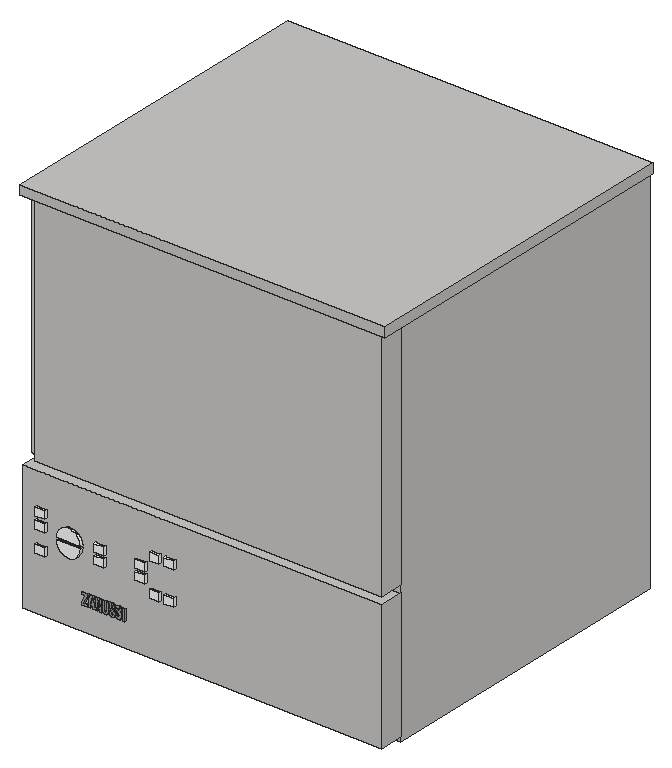
Revit family "QF_ELECTROLUXPROFESSIONAL_726658_RBC051", category Specialty Equipment, Revit 2018
Family settings
  Round Connector Dimension = Use Diameter
  Part Type = Normal
  Work Plane-Based = No
  Always vertical = Yes
  Cut with Voids When Loaded = No
  Shared = No
  Room Calculation Point = No
Parameters (values of type "Standard")
  Weight = 194.007 lbm
  Watts = 0 W
  Volts = 230 V
  URL Manufacturer = "http://professional.electrolux.com"
  URL = "http://professional.electrolux.com"
  Steam Supply Size = 0"
  Steam Supply Minimum Pressure = 0.00 psi
  Steam Supply Maximum Pressure = 0.00 psi
  Steam Pounds per Hour = 0
  Show Clearance [instance] = yes
  Refrigeration Suction Line Size = 0 mm
  Refrigeration Liquid Line Size = 0 mm
  Refrigerant Compressor Remote = yes
  Phase = 1
  Model = "RBC051"
  Manufacturer = "Electrolux Professional"
  Length Actual = 762 mm  # constant formula
  Item Number = "726658"
  Hot Water Size = 0"
  Height Actual = 844 mm  # constant formula
  HP = "0.9 HP"
  Gas Size = 0"
  Gas KW = 0
  Gas Input Pressure = 0.0 Btu/h
  Direct Waste Size = 0"
  Description = "BLAST CHILLER 10KG GN1/1-R134A"
  Depth Actual = 700 mm  # constant formula
  Cycle = 50 Hz
  Condensate Return Size = 0"
  Compressed Air Volume = 0 GPM
  Compressed Air Size = 0"
  Compressed Air Pressure = 0.00 psi
  Cold Water Size = 0"
  Accessory = yes
Reference planes
  plane 1 "BACK": y = 0
  plane 2: z = 0
  plane 3 "LEFT": x = 0
  plane 4 "RIGHT": x = 762
  plane 5 "FRONT": y = -700
  plane 6 "TOP": z = 844
  plane 7 "Center Y": x = 381
  plane 8 "Center X": y = -350
  plane 9: x = 50
  plane 10: x = 710
  plane 11: z = 150
  plane 12: z = 106
  plane 13: y = -50
  plane 14: y = -760
  plane 15: y = -689
  plane 16: y = -389
  plane 17: y = -1407
Forms (mm)
  Extrusion 1, solid, material "QF_Metal - Stainless - Polished"
    sketch origin (0, 0, -106) x (1, 0, 0) y (0, 0, 1)
      loop
        line (6.35, 930) -> (6.35, 150) -> (755.65, 150) -> (755.65, 930) -> (6.35, 930)
    from 0 to 650
  Extrusion 2, solid, material "QF_Metal - Stainless - Polished"
    sketch origin (-118.461, 0, -106) x (1, 0, 0) y (0, 0, 1)
      loop
        line (201.815, 150) -> (201.815, 128.027) -> (559.815, 128.027) -> (559.815, 150) -> (553.415, 150) -> (553.415, 134.427) -> (208.215, 134.427) -> (208.215, 150) -> (201.815, 150)
    from 218.729 to 610
  Extrusion 3, solid, material "QF_Metal - Stainless - Polished"
    sketch origin (-118.461, 0, -106) x (1, 0, 0) y (0, 0, 1)
      loop
        line (239.429, 128.027) -> (233.029, 128.027) -> (233.029, 106) -> (525.894, 106) -> (525.894, 128.027) -> (519.494, 128.027) -> (519.494, 115.527) -> (239.429, 115.527) -> (239.429, 128.027)
    from 333.038 to 610
  Extrusion 4, solid, material "QF_Metal - Stainless - Polished"
    sketch origin (0.953, -130, -106) x (1, 0, 0) y (0, 1, 0)
      loop
        circle (381, -259) r 20
    from 138.473 to 150
  Extrusion 5, solid, material "QF_Metal - Stainless - Polished"
    sketch origin (-331, 0, -475.454) x (1, 0, 0) y (0, 0, 1)
      loop
        circle (381, 651.083) r 20
    from -7.507 to 0
  Extrusion 6, solid, material "QF_Door-Drawer Clearances", visible <- "Show Clearance", detail levels coarse
    sketch origin (0, 29, -106) x (1, 0, 0) y (0, 1, 0)
      loop
        line (755.65, -729) -> (6.35, -729)
        arc (6.35, -729) -> (226.116, -1246.651) -> (755.65, -1436) r 700.659
        line (755.65, -1436) -> (755.65, -729)
    from 443.477 to 930
  Extrusion 7, solid, material "QF_Metal - Stainless - Polished"
    sketch origin (0, 0, 824) x (1, 0, 0) y (0, 1, 0)
      loop
        line (0, 0) -> (0, -700) -> (762, -700) -> (762, 0) -> (0, 0)
    from 0 to 20
  Extrusion 8, solid, material "QF_Metal - Stainless - Polished"
    sketch origin (0, 39, -106) x (1, 0, 0) y (0, 1, 0)
      loop
        line (755.65, -689) -> (6.35, -689) -> (6.35, -714)
        arc (6.35, -714) -> (13.85, -721.5) -> (21.35, -714) r 7.5
        line (21.35, -714) -> (21.35, -712.023)
        arc (21.35, -712.023) -> (23.7, -706.35) -> (29.373, -704) r 8.023
        line (29.373, -704) -> (50, -704)
        arc (50, -704) -> (58.125, -712.125) -> (50, -720.25) r 8.125
        line (50, -720.25) -> (43.056, -720.25)
        arc (43.056, -720.25) -> (33.824, -724.074) -> (30, -733.306) r 13.056
        line (30, -733.306) -> (30, -739) -> (755.65, -739) -> (755.65, -689)
    from 443.477 to 930
  Extrusion 9, solid, material "QF_Metal - Stainless - Polished"
    sketch origin (0, 113.472, -648.6) x (1, 0, 0) y (0, 0, 1)
      loop
        line (6.35, 970) -> (6.35, 701.557) -> (755.65, 701.557) -> (755.65, 970) -> (6.35, 970)
    from 763.472 to 813.472
  Extrusion 10, solid, material "QF_Plastic - White - Smooth"
    sketch origin (-40, -700, -363.391) x (1, 0, 0) y (0, 0, 1)
      loop
        line (75.078, 617.851) -> (75.078, 601.601) -> (95.078, 601.601) -> (95.078, 617.851) -> (75.078, 617.851)
      loop
        line (75.078, 547.851) -> (75.078, 531.601) -> (95.078, 531.601) -> (95.078, 547.851) -> (75.078, 547.851)
      loop
        line (75.078, 592.851) -> (75.078, 576.601) -> (95.078, 576.601) -> (95.078, 592.851) -> (75.078, 592.851)
      loop
        line (120.078, 576.601) -> (170.078, 576.601)
        arc (170.078, 576.601) -> (145.078, 601.601) -> (120.078, 576.601) r 25
      loop
        arc (120.078, 571.601) -> (145.078, 546.601) -> (170.078, 571.601) r 25
        line (170.078, 571.601) -> (120.078, 571.601)
      loop
        line (198.715, 592.851) -> (198.715, 576.601) -> (218.715, 576.601) -> (218.715, 592.851) -> (198.715, 592.851)
      loop
        line (198.715, 570.081) -> (198.715, 553.831) -> (218.715, 553.831) -> (218.715, 570.081) -> (198.715, 570.081)
      loop
        line (283.715, 592.851) -> (283.715, 576.601) -> (303.715, 576.601) -> (303.715, 592.851) -> (283.715, 592.851)
      loop
        line (283.715, 570.081) -> (283.715, 553.831) -> (303.715, 553.831) -> (303.715, 570.081) -> (283.715, 570.081)
      loop
        line (314.587, 617.851) -> (314.587, 601.601) -> (334.587, 601.601) -> (334.587, 617.851) -> (314.587, 617.851)
      loop
        line (344.587, 617.851) -> (344.587, 601.601) -> (364.587, 601.601) -> (364.587, 617.851) -> (344.587, 617.851)
      loop
        line (314.587, 547.851) -> (314.587, 531.601) -> (334.587, 531.601) -> (334.587, 547.851) -> (314.587, 547.851)
      loop
        line (344.587, 547.851) -> (344.587, 531.601) -> (364.587, 531.601) -> (364.587, 547.851) -> (344.587, 547.851)
    from 0 to 4.861
Lines and regions (mm)
  Split face 1
    outline origin (0, -700, -648.6) x (1, 0, 0) y (0, 0, 1)
      loop
        line (33.078, 905.06) -> (33.078, 814.81) -> (326.587, 814.81) -> (326.587, 905.06) -> (33.078, 905.06)
  Split face 2
    outline origin (-15, -700, -648.6) x (1, 0, 0) y (0, 0, 1)
      loop
        line (399.261, 942.498) -> (399.261, 932.498) -> (454.261, 932.498) -> (454.261, 942.498) -> (399.261, 942.498)
  Split face 3
    outline origin (-15, -700, -663.6) x (1, 0, 0) y (0, 0, 1)
      loop
        line (399.261, 942.498) -> (399.261, 932.498) -> (454.261, 932.498) -> (454.261, 942.498) -> (399.261, 942.498)
  Split face 4
    outline origin (-15, -700, -678.6) x (1, 0, 0) y (0, 0, 1)
      loop
        line (399.261, 942.498) -> (399.261, 932.498) -> (454.261, 932.498) -> (454.261, 942.498) -> (399.261, 942.498)
  Split face 5
    outline origin (-15, -700, -708.6) x (1, 0, 0) y (0, 0, 1)
      loop
        line (399.261, 942.498) -> (399.261, 932.498) -> (454.261, 932.498) -> (454.261, 942.498) -> (399.261, 942.498)
  Split face 6
    outline origin (-15, -700, -723.6) x (1, 0, 0) y (0, 0, 1)
      loop
        line (399.261, 942.498) -> (399.261, 932.498) -> (454.261, 932.498) -> (454.261, 942.498) -> (399.261, 942.498)
  Split face 7
    outline origin (-15, -700, -738.6) x (1, 0, 0) y (0, 0, 1)
      loop
        line (399.261, 942.498) -> (399.261, 932.498) -> (454.261, 932.498) -> (454.261, 942.498) -> (399.261, 942.498)
  Split face 8
    outline origin (-15, -700, -768.6) x (1, 0, 0) y (0, 0, 1)
      loop
        line (399.261, 942.498) -> (399.261, 932.498) -> (454.261, 932.498) -> (454.261, 942.498) -> (399.261, 942.498)
  Split face 9
    outline origin (-15, -700, -783.6) x (1, 0, 0) y (0, 0, 1)
      loop
        line (399.261, 942.498) -> (399.261, 932.498) -> (454.261, 932.498) -> (454.261, 942.498) -> (399.261, 942.498)
  Split face 10
    outline origin (-15, -700, -798.6) x (1, 0, 0) y (0, 0, 1)
      loop
        line (399.261, 942.498) -> (399.261, 932.498) -> (454.261, 932.498) -> (454.261, 942.498) -> (399.261, 942.498)
  Split face 11
    outline origin (-15, -700, -828.6) x (1, 0, 0) y (0, 0, 1)
      loop
        line (399.261, 942.498) -> (399.261, 932.498) -> (454.261, 932.498) -> (454.261, 942.498) -> (399.261, 942.498)
  Split face 12
    outline origin (-15, -700, -843.6) x (1, 0, 0) y (0, 0, 1)
      loop
        line (399.261, 942.498) -> (399.261, 932.498) -> (454.261, 932.498) -> (454.261, 942.498) -> (399.261, 942.498)
  Split face 13
    outline origin (-15, -700, -858.6) x (1, 0, 0) y (0, 0, 1)
      loop
        line (399.261, 942.498) -> (399.261, 932.498) -> (454.261, 932.498) -> (454.261, 942.498) -> (399.261, 942.498)
  Split face 14
    outline origin (60, -700, -648.6) x (1, 0, 0) y (0, 0, 1)
      loop
        line (399.261, 942.498) -> (399.261, 932.498) -> (454.261, 932.498) -> (454.261, 942.498) -> (399.261, 942.498)
  Split face 15
    outline origin (60, -700, -663.6) x (1, 0, 0) y (0, 0, 1)
      loop
        line (399.261, 942.498) -> (399.261, 932.498) -> (454.261, 932.498) -> (454.261, 942.498) -> (399.261, 942.498)
  Split face 16
    outline origin (60, -700, -678.6) x (1, 0, 0) y (0, 0, 1)
      loop
        line (399.261, 942.498) -> (399.261, 932.498) -> (454.261, 932.498) -> (454.261, 942.498) -> (399.261, 942.498)
  Split face 17
    outline origin (60, -700, -708.6) x (1, 0, 0) y (0, 0, 1)
      loop
        line (399.261, 942.498) -> (399.261, 932.498) -> (454.261, 932.498) -> (454.261, 942.498) -> (399.261, 942.498)
  Split face 18
    outline origin (60, -700, -723.6) x (1, 0, 0) y (0, 0, 1)
      loop
        line (399.261, 942.498) -> (399.261, 932.498) -> (454.261, 932.498) -> (454.261, 942.498) -> (399.261, 942.498)
  Split face 19
    outline origin (60, -700, -738.6) x (1, 0, 0) y (0, 0, 1)
      loop
        line (399.261, 942.498) -> (399.261, 932.498) -> (454.261, 932.498) -> (454.261, 942.498) -> (399.261, 942.498)
  Split face 20
    outline origin (60, -700, -768.6) x (1, 0, 0) y (0, 0, 1)
      loop
        line (399.261, 942.498) -> (399.261, 932.498) -> (454.261, 932.498) -> (454.261, 942.498) -> (399.261, 942.498)
  Split face 21
    outline origin (60, -700, -783.6) x (1, 0, 0) y (0, 0, 1)
      loop
        line (399.261, 942.498) -> (399.261, 932.498) -> (454.261, 932.498) -> (454.261, 942.498) -> (399.261, 942.498)
  Split face 22
    outline origin (60, -700, -798.6) x (1, 0, 0) y (0, 0, 1)
      loop
        line (399.261, 942.498) -> (399.261, 932.498) -> (454.261, 932.498) -> (454.261, 942.498) -> (399.261, 942.498)
  Split face 23
    outline origin (60, -700, -828.6) x (1, 0, 0) y (0, 0, 1)
      loop
        line (399.261, 942.498) -> (399.261, 932.498) -> (454.261, 932.498) -> (454.261, 942.498) -> (399.261, 942.498)
  Split face 24
    outline origin (60, -700, -843.6) x (1, 0, 0) y (0, 0, 1)
      loop
        line (399.261, 942.498) -> (399.261, 932.498) -> (454.261, 932.498) -> (454.261, 942.498) -> (399.261, 942.498)
  Split face 25
    outline origin (60, -700, -858.6) x (1, 0, 0) y (0, 0, 1)
      loop
        line (399.261, 942.498) -> (399.261, 932.498) -> (454.261, 932.498) -> (454.261, 942.498) -> (399.261, 942.498)
  Split face 26
    outline origin (135, -700, -648.6) x (1, 0, 0) y (0, 0, 1)
      loop
        line (399.261, 942.498) -> (399.261, 932.498) -> (454.261, 932.498) -> (454.261, 942.498) -> (399.261, 942.498)
  Split face 27
    outline origin (135, -700, -663.6) x (1, 0, 0) y (0, 0, 1)
      loop
        line (399.261, 942.498) -> (399.261, 932.498) -> (454.261, 932.498) -> (454.261, 942.498) -> (399.261, 942.498)
  Split face 28
    outline origin (135, -700, -678.6) x (1, 0, 0) y (0, 0, 1)
      loop
        line (399.261, 942.498) -> (399.261, 932.498) -> (454.261, 932.498) -> (454.261, 942.498) -> (399.261, 942.498)
  Split face 29
    outline origin (135, -700, -708.6) x (1, 0, 0) y (0, 0, 1)
      loop
        line (399.261, 942.498) -> (399.261, 932.498) -> (454.261, 932.498) -> (454.261, 942.498) -> (399.261, 942.498)
  Split face 30
    outline origin (135, -700, -723.6) x (1, 0, 0) y (0, 0, 1)
      loop
        line (399.261, 942.498) -> (399.261, 932.498) -> (454.261, 932.498) -> (454.261, 942.498) -> (399.261, 942.498)
  Split face 31
    outline origin (135, -700, -738.6) x (1, 0, 0) y (0, 0, 1)
      loop
        line (399.261, 942.498) -> (399.261, 932.498) -> (454.261, 932.498) -> (454.261, 942.498) -> (399.261, 942.498)
  Split face 32
    outline origin (135, -700, -768.6) x (1, 0, 0) y (0, 0, 1)
      loop
        line (399.261, 942.498) -> (399.261, 932.498) -> (454.261, 932.498) -> (454.261, 942.498) -> (399.261, 942.498)
  Split face 33
    outline origin (135, -700, -783.6) x (1, 0, 0) y (0, 0, 1)
      loop
        line (399.261, 942.498) -> (399.261, 932.498) -> (454.261, 932.498) -> (454.261, 942.498) -> (399.261, 942.498)
  Split face 34
    outline origin (135, -700, -798.6) x (1, 0, 0) y (0, 0, 1)
      loop
        line (399.261, 942.498) -> (399.261, 932.498) -> (454.261, 932.498) -> (454.261, 942.498) -> (399.261, 942.498)
  Split face 35
    outline origin (135, -700, -828.6) x (1, 0, 0) y (0, 0, 1)
      loop
        line (399.261, 942.498) -> (399.261, 932.498) -> (454.261, 932.498) -> (454.261, 942.498) -> (399.261, 942.498)
  Split face 36
    outline origin (135, -700, -843.6) x (1, 0, 0) y (0, 0, 1)
      loop
        line (399.261, 942.498) -> (399.261, 932.498) -> (454.261, 932.498) -> (454.261, 942.498) -> (399.261, 942.498)
  Split face 37
    outline origin (135, -700, -858.6) x (1, 0, 0) y (0, 0, 1)
      loop
        line (399.261, 942.498) -> (399.261, 932.498) -> (454.261, 932.498) -> (454.261, 942.498) -> (399.261, 942.498)
  Split face 38
    outline origin (210, -700, -648.6) x (1, 0, 0) y (0, 0, 1)
      loop
        line (399.261, 942.498) -> (399.261, 932.498) -> (454.261, 932.498) -> (454.261, 942.498) -> (399.261, 942.498)
  Split face 39
    outline origin (210, -700, -663.6) x (1, 0, 0) y (0, 0, 1)
      loop
        line (399.261, 942.498) -> (399.261, 932.498) -> (454.261, 932.498) -> (454.261, 942.498) -> (399.261, 942.498)
  Split face 40
    outline origin (210, -700, -678.6) x (1, 0, 0) y (0, 0, 1)
      loop
        line (399.261, 942.498) -> (399.261, 932.498) -> (454.261, 932.498) -> (454.261, 942.498) -> (399.261, 942.498)
  Split face 41
    outline origin (210, -700, -708.6) x (1, 0, 0) y (0, 0, 1)
      loop
        line (399.261, 942.498) -> (399.261, 932.498) -> (454.261, 932.498) -> (454.261, 942.498) -> (399.261, 942.498)
  Split face 42
    outline origin (210, -700, -723.6) x (1, 0, 0) y (0, 0, 1)
      loop
        line (399.261, 942.498) -> (399.261, 932.498) -> (454.261, 932.498) -> (454.261, 942.498) -> (399.261, 942.498)
  Split face 43
    outline origin (210, -700, -738.6) x (1, 0, 0) y (0, 0, 1)
      loop
        line (399.261, 942.498) -> (399.261, 932.498) -> (454.261, 932.498) -> (454.261, 942.498) -> (399.261, 942.498)
  Split face 44
    outline origin (210, -700, -768.6) x (1, 0, 0) y (0, 0, 1)
      loop
        line (399.261, 942.498) -> (399.261, 932.498) -> (454.261, 932.498) -> (454.261, 942.498) -> (399.261, 942.498)
  Split face 45
    outline origin (210, -700, -783.6) x (1, 0, 0) y (0, 0, 1)
      loop
        line (399.261, 942.498) -> (399.261, 932.498) -> (454.261, 932.498) -> (454.261, 942.498) -> (399.261, 942.498)
  Split face 46
    outline origin (210, -700, -798.6) x (1, 0, 0) y (0, 0, 1)
      loop
        line (399.261, 942.498) -> (399.261, 932.498) -> (454.261, 932.498) -> (454.261, 942.498) -> (399.261, 942.498)
  Split face 47
    outline origin (210, -700, -828.6) x (1, 0, 0) y (0, 0, 1)
      loop
        line (399.261, 942.498) -> (399.261, 932.498) -> (454.261, 932.498) -> (454.261, 942.498) -> (399.261, 942.498)
  Split face 48
    outline origin (210, -700, -843.6) x (1, 0, 0) y (0, 0, 1)
      loop
        line (399.261, 942.498) -> (399.261, 932.498) -> (454.261, 932.498) -> (454.261, 942.498) -> (399.261, 942.498)
  Split face 49
    outline origin (210, -700, -858.6) x (1, 0, 0) y (0, 0, 1)
      loop
        line (399.261, 942.498) -> (399.261, 932.498) -> (454.261, 932.498) -> (454.261, 942.498) -> (399.261, 942.498)
  Split face 50
    outline origin (285, -700, -648.6) x (1, 0, 0) y (0, 0, 1)
      loop
        line (399.261, 942.498) -> (399.261, 932.498) -> (454.261, 932.498) -> (454.261, 942.498) -> (399.261, 942.498)
  Split face 51
    outline origin (285, -700, -663.6) x (1, 0, 0) y (0, 0, 1)
      loop
        line (399.261, 942.498) -> (399.261, 932.498) -> (454.261, 932.498) -> (454.261, 942.498) -> (399.261, 942.498)
  Split face 52
    outline origin (285, -700, -678.6) x (1, 0, 0) y (0, 0, 1)
      loop
        line (399.261, 942.498) -> (399.261, 932.498) -> (454.261, 932.498) -> (454.261, 942.498) -> (399.261, 942.498)
  Split face 53
    outline origin (285, -700, -708.6) x (1, 0, 0) y (0, 0, 1)
      loop
        line (399.261, 942.498) -> (399.261, 932.498) -> (454.261, 932.498) -> (454.261, 942.498) -> (399.261, 942.498)
  Split face 54
    outline origin (285, -700, -723.6) x (1, 0, 0) y (0, 0, 1)
      loop
        line (399.261, 942.498) -> (399.261, 932.498) -> (454.261, 932.498) -> (454.261, 942.498) -> (399.261, 942.498)
  Split face 55
    outline origin (285, -700, -738.6) x (1, 0, 0) y (0, 0, 1)
      loop
        line (399.261, 942.498) -> (399.261, 932.498) -> (454.261, 932.498) -> (454.261, 942.498) -> (399.261, 942.498)
  Split face 56
    outline origin (285, -700, -768.6) x (1, 0, 0) y (0, 0, 1)
      loop
        line (399.261, 942.498) -> (399.261, 932.498) -> (454.261, 932.498) -> (454.261, 942.498) -> (399.261, 942.498)
  Split face 57
    outline origin (285, -700, -783.6) x (1, 0, 0) y (0, 0, 1)
      loop
        line (399.261, 942.498) -> (399.261, 932.498) -> (454.261, 932.498) -> (454.261, 942.498) -> (399.261, 942.498)
  Split face 58
    outline origin (285, -700, -798.6) x (1, 0, 0) y (0, 0, 1)
      loop
        line (399.261, 942.498) -> (399.261, 932.498) -> (454.261, 932.498) -> (454.261, 942.498) -> (399.261, 942.498)
  Split face 59
    outline origin (285, -700, -828.6) x (1, 0, 0) y (0, 0, 1)
      loop
        line (399.261, 942.498) -> (399.261, 932.498) -> (454.261, 932.498) -> (454.261, 942.498) -> (399.261, 942.498)
  Split face 60
    outline origin (285, -700, -843.6) x (1, 0, 0) y (0, 0, 1)
      loop
        line (399.261, 942.498) -> (399.261, 932.498) -> (454.261, 932.498) -> (454.261, 942.498) -> (399.261, 942.498)
  Split face 61
    outline origin (285, -700, -858.6) x (1, 0, 0) y (0, 0, 1)
      loop
        line (399.261, 942.498) -> (399.261, 932.498) -> (454.261, 932.498) -> (454.261, 942.498) -> (399.261, 942.498)
  symbolic lines
    curve 1: line (0, 0, 0) -> (0, -703.472, 0)
    curve 2: line (762, 0, 0) -> (0, 0, 0)
    curve 3: line (762, -700, 0) -> (762, 0, 0)
    curve 4: line (0, -700, 0) -> (762, -700, 0)
  symbolic lines, style "QF_Door-Drawer Clearances"
    curve 5: line (755.65, -700, 0) -> (755.65, -1407, 0)
    curve 6: arc (6.35, -700, 0) -> (226.116, -1217.651, 0) -> (755.65, -1407, 0) r 700.659
Dimensions and locks
  equal spacing: plane 3 "LEFT", plane 7 "Center Y", plane 4 "RIGHT"
  plane 3 "LEFT" to plane 4 "RIGHT" = 762 mm
  equal spacing: plane 5 "FRONT", plane 8 "Center X", plane 1 "BACK"
  plane 5 "FRONT" to plane 1 "BACK" = 700 mm
  plane 6 "TOP" to level = 844 mm
  plane 9 to plane 3 "LEFT" = 50 mm
  plane 10 to plane 4 "RIGHT" = 52 mm
  plane 10 to plane 9 = 660 mm
  plane 11 to level = 150 mm
  plane 12 to plane 11 = 44 mm
  plane 1 "BACK" to plane 13 = 50 mm
  plane 13 to plane 15 = 639 mm
  plane 16 to plane 1 "BACK" = 389 mm
  plane 17 to plane 1 "BACK" = 1407 mm
  plane 3 "LEFT" to Extrusion 6 = 755.65 mm
  aligned and locked: level to plane 2
Automatic sketch dimensions
  plane 1 "BACK" to curve 2 = 0 mm
  curve 5 to plane 17 = 0 mm
  plane 4 "RIGHT" to curve 5 = 6.35 mm
  Extrusion 1 sketch curve to plane 11 = 106 mm
  plane 3 "LEFT" to Extrusion 1 sketch curve = 6.35 mm
  plane 4 "RIGHT" to Extrusion 1 sketch curve = 6.35 mm
  Extrusion 1 sketch curve to plane 6 "TOP" = 20 mm
  Extrusion 2 sketch curve to plane 11 = 106 mm  (x2)
  plane 9 to Extrusion 2 sketch curve = 33.353 mm
  Extrusion 2 sketch curve to Extrusion 2 sketch curve = 6.4 mm  (x3)
  plane 10 to Extrusion 2 sketch curve = 275.047 mm
  Extrusion 2 sketch curve to Extrusion 2 sketch curve = 15.573 mm
  plane 12 to Extrusion 3 sketch curve = 106 mm
  Extrusion 3 sketch curve to plane 11 = 127.973 mm
  Extrusion 3 sketch curve to plane 7 "Center Y" = 266.432 mm
  Extrusion 3 sketch curve to Extrusion 3 sketch curve = 6.4 mm  (x2)
  plane 12 to Extrusion 3 sketch curve = 96.473 mm
  plane 7 "Center Y" to Extrusion 3 sketch curve = 20.032 mm
  Extrusion 3 sketch curve to Extrusion 3 sketch curve = 12.5 mm
  Extrusion 4 sketch curve to plane 16 = 0 mm
  plane 7 "Center Y" to Extrusion 4 sketch curve = 0.953 mm
  Extrusion 5 sketch curve to plane 7 "Center Y" = 331 mm
  Extrusion 5 sketch curve to plane 6 "TOP" = 668.371 mm
  Extrusion 7 sketch curve to plane 3 "LEFT" = 0 mm
  Extrusion 7 sketch curve to plane 4 "RIGHT" = 0 mm
  plane 5 "FRONT" to Extrusion 7 sketch curve = 0 mm
  plane 1 "BACK" to Extrusion 7 sketch curve = 0 mm
  plane 5 "FRONT" to Extrusion 8 sketch curve = 0 mm
  Extrusion 8 sketch curve to plane 9 = 0 mm
  Extrusion 8 sketch curve to plane 9 = 6.944 mm
  Extrusion 8 sketch curve to Extrusion 8 sketch curve = 13.056 mm
  Extrusion 8 sketch curve to Extrusion 8 sketch curve = 13.683 mm
  Extrusion 8 sketch curve to Extrusion 8 sketch curve = 8.023 mm
  Extrusion 8 sketch curve to Extrusion 8 sketch curve = 7.5 mm
  plane 4 "RIGHT" to Extrusion 8 sketch curve = 6.35 mm
  plane 15 to Extrusion 8 sketch curve = 5.306 mm
  Extrusion 8 sketch curve to plane 15 = 14 mm
  Extrusion 8 sketch curve to Extrusion 8 sketch curve = 8.125 mm
  Extrusion 8 sketch curve to plane 15 = 39 mm
  plane 3 "LEFT" to Extrusion 9 sketch curve = 6.35 mm
  plane 4 "RIGHT" to Extrusion 9 sketch curve = 6.35 mm
  Extrusion 9 sketch curve to plane 11 = 97.044 mm
  Extrusion 9 sketch curve to Extrusion 9 sketch curve = 268.443 mm
  Split face 1 sketch curve to Extrusion 9 = 26.728 mm
  Split face 1 sketch curve to Extrusion 9 = 113.254 mm
  Split face 1 sketch curve to Split face 1 sketch curve = 293.509 mm
  Split face 1 sketch curve to Extrusion 9 = 64.94 mm
  Extrusion 10 sketch curve to plane 9 = 14.922 mm  (x2)
  Extrusion 10 sketch curve to Extrusion 10 sketch curve = 0 mm  (x11)
  plane 9 to Extrusion 10 sketch curve = 5.078 mm  (x3)
  Extrusion 10 sketch curve to Extrusion 10 sketch curve = 25 mm  (x2)
  Extrusion 10 sketch curve to Extrusion 10 sketch curve = 28.636 mm
  Extrusion 10 sketch curve to Extrusion 10 sketch curve = 20 mm  (x7)
  Extrusion 10 sketch curve to Extrusion 10 sketch curve = 65 mm
  Extrusion 10 sketch curve to Extrusion 10 sketch curve = 10.872 mm  (x2)
  Extrusion 10 sketch curve to Extrusion 10 sketch curve = 10 mm  (x2)
  plane 11 to Extrusion 10 sketch curve = 18.21 mm  (x2)
  Extrusion 10 sketch curve to Extrusion 10 sketch curve = 16.25 mm  (x9)
  Extrusion 10 sketch curve to Extrusion 10 sketch curve = 5.98 mm
  Extrusion 10 sketch curve to Extrusion 10 sketch curve = 1.52 mm
  Extrusion 10 sketch curve to Extrusion 10 sketch curve = 6.52 mm  (x2)
  Extrusion 10 sketch curve to Extrusion 10 sketch curve = 5 mm  (x2)
  Extrusion 10 sketch curve to Extrusion 10 sketch curve = 8.75 mm  (x2)
  Split face 2 sketch curve to Extrusion 9 = 37.502 mm
  Split face 2 sketch curve to Extrusion 9 = 371.389 mm
  Split face 2 sketch curve to Split face 2 sketch curve = 55 mm
  Split face 2 sketch curve to Split face 2 sketch curve = 10 mm
  Split face 3 sketch curve to Extrusion 9 = 52.502 mm
  Split face 3 sketch curve to Extrusion 9 = 371.389 mm
  Split face 3 sketch curve to Split face 3 sketch curve = 55 mm
  Split face 3 sketch curve to Split face 3 sketch curve = 10 mm
  Split face 4 sketch curve to Extrusion 9 = 67.502 mm
  Split face 4 sketch curve to Extrusion 9 = 371.389 mm
  Split face 4 sketch curve to Split face 4 sketch curve = 55 mm
  Split face 4 sketch curve to Split face 4 sketch curve = 10 mm
  Split face 5 sketch curve to Extrusion 9 = 97.502 mm
  Split face 5 sketch curve to Extrusion 9 = 371.389 mm
  Split face 5 sketch curve to Split face 5 sketch curve = 55 mm
  Split face 5 sketch curve to Split face 5 sketch curve = 10 mm
  Split face 6 sketch curve to Extrusion 9 = 112.502 mm
  Split face 6 sketch curve to Extrusion 9 = 371.389 mm
  Split face 6 sketch curve to Split face 6 sketch curve = 55 mm
  Split face 6 sketch curve to Split face 6 sketch curve = 10 mm
  Split face 7 sketch curve to Extrusion 9 = 127.502 mm
  Split face 7 sketch curve to Extrusion 9 = 371.389 mm
  Split face 7 sketch curve to Split face 7 sketch curve = 55 mm
  Split face 7 sketch curve to Split face 7 sketch curve = 10 mm
  Split face 8 sketch curve to Extrusion 9 = 110.941 mm
  Split face 8 sketch curve to Extrusion 9 = 371.389 mm
  Split face 8 sketch curve to Split face 8 sketch curve = 55 mm
  Split face 8 sketch curve to Split face 8 sketch curve = 10 mm
  Split face 9 sketch curve to Extrusion 9 = 95.941 mm
  Split face 9 sketch curve to Extrusion 9 = 371.389 mm
  Split face 9 sketch curve to Split face 9 sketch curve = 55 mm
  Split face 9 sketch curve to Split face 9 sketch curve = 10 mm
  Split face 10 sketch curve to Extrusion 9 = 80.941 mm
  Split face 10 sketch curve to Extrusion 9 = 371.389 mm
  Split face 10 sketch curve to Split face 10 sketch curve = 55 mm
  Split face 10 sketch curve to Split face 10 sketch curve = 10 mm
  Split face 11 sketch curve to Extrusion 9 = 50.941 mm
  Split face 11 sketch curve to Extrusion 9 = 371.389 mm
  Split face 11 sketch curve to Split face 11 sketch curve = 55 mm
  Split face 11 sketch curve to Split face 11 sketch curve = 10 mm
  Split face 12 sketch curve to Extrusion 9 = 35.941 mm
  Split face 12 sketch curve to Extrusion 9 = 371.389 mm
  Split face 12 sketch curve to Split face 12 sketch curve = 55 mm
  Split face 12 sketch curve to Split face 12 sketch curve = 10 mm
  Split face 13 sketch curve to Extrusion 9 = 20.941 mm
  Split face 13 sketch curve to Extrusion 9 = 371.389 mm
  Split face 13 sketch curve to Split face 13 sketch curve = 55 mm
  Split face 13 sketch curve to Split face 13 sketch curve = 10 mm
  Split face 14 sketch curve to Extrusion 9 = 37.502 mm
  Split face 14 sketch curve to Extrusion 9 = 296.389 mm
  Split face 14 sketch curve to Split face 14 sketch curve = 55 mm
  Split face 14 sketch curve to Split face 14 sketch curve = 10 mm
  Split face 15 sketch curve to Extrusion 9 = 52.502 mm
  Split face 15 sketch curve to Extrusion 9 = 296.389 mm
  Split face 15 sketch curve to Split face 15 sketch curve = 55 mm
  Split face 15 sketch curve to Split face 15 sketch curve = 10 mm
  Split face 16 sketch curve to Extrusion 9 = 67.502 mm
  Split face 16 sketch curve to Extrusion 9 = 296.389 mm
  Split face 16 sketch curve to Split face 16 sketch curve = 55 mm
  Split face 16 sketch curve to Split face 16 sketch curve = 10 mm
  Split face 17 sketch curve to Extrusion 9 = 97.502 mm
  Split face 17 sketch curve to Extrusion 9 = 296.389 mm
  Split face 17 sketch curve to Split face 17 sketch curve = 55 mm
  Split face 17 sketch curve to Split face 17 sketch curve = 10 mm
  Split face 18 sketch curve to Extrusion 9 = 112.502 mm
  Split face 18 sketch curve to Extrusion 9 = 296.389 mm
  Split face 18 sketch curve to Split face 18 sketch curve = 55 mm
  Split face 18 sketch curve to Split face 18 sketch curve = 10 mm
  Split face 19 sketch curve to Extrusion 9 = 127.502 mm
  Split face 19 sketch curve to Extrusion 9 = 296.389 mm
  Split face 19 sketch curve to Split face 19 sketch curve = 55 mm
  Split face 19 sketch curve to Split face 19 sketch curve = 10 mm
  Split face 20 sketch curve to Extrusion 9 = 110.941 mm
  Split face 20 sketch curve to Extrusion 9 = 296.389 mm
  Split face 20 sketch curve to Split face 20 sketch curve = 55 mm
  Split face 20 sketch curve to Split face 20 sketch curve = 10 mm
  Split face 21 sketch curve to Extrusion 9 = 95.941 mm
  Split face 21 sketch curve to Extrusion 9 = 296.389 mm
  Split face 21 sketch curve to Split face 21 sketch curve = 55 mm
  Split face 21 sketch curve to Split face 21 sketch curve = 10 mm
  Split face 22 sketch curve to Extrusion 9 = 80.941 mm
  Split face 22 sketch curve to Extrusion 9 = 296.389 mm
  Split face 22 sketch curve to Split face 22 sketch curve = 55 mm
  Split face 22 sketch curve to Split face 22 sketch curve = 10 mm
  Split face 23 sketch curve to Extrusion 9 = 50.941 mm
  Split face 23 sketch curve to Extrusion 9 = 296.389 mm
  Split face 23 sketch curve to Split face 23 sketch curve = 55 mm
  Split face 23 sketch curve to Split face 23 sketch curve = 10 mm
  Split face 24 sketch curve to Extrusion 9 = 35.941 mm
  Split face 24 sketch curve to Extrusion 9 = 296.389 mm
  Split face 24 sketch curve to Split face 24 sketch curve = 55 mm
  Split face 24 sketch curve to Split face 24 sketch curve = 10 mm
  Split face 25 sketch curve to Extrusion 9 = 20.941 mm
  Split face 25 sketch curve to Extrusion 9 = 296.389 mm
  Split face 25 sketch curve to Split face 25 sketch curve = 55 mm
  Split face 25 sketch curve to Split face 25 sketch curve = 10 mm
  Split face 26 sketch curve to Extrusion 9 = 37.502 mm
  Split face 26 sketch curve to Extrusion 9 = 221.389 mm
  Split face 26 sketch curve to Split face 26 sketch curve = 55 mm
  Split face 26 sketch curve to Split face 26 sketch curve = 10 mm
  Split face 27 sketch curve to Extrusion 9 = 52.502 mm
  Split face 27 sketch curve to Extrusion 9 = 221.389 mm
  Split face 27 sketch curve to Split face 27 sketch curve = 55 mm
  Split face 27 sketch curve to Split face 27 sketch curve = 10 mm
  Split face 28 sketch curve to Extrusion 9 = 67.502 mm
  Split face 28 sketch curve to Extrusion 9 = 221.389 mm
  Split face 28 sketch curve to Split face 28 sketch curve = 55 mm
  Split face 28 sketch curve to Split face 28 sketch curve = 10 mm
  Split face 29 sketch curve to Extrusion 9 = 97.502 mm
  Split face 29 sketch curve to Extrusion 9 = 221.389 mm
  Split face 29 sketch curve to Split face 29 sketch curve = 55 mm
  Split face 29 sketch curve to Split face 29 sketch curve = 10 mm
  Split face 30 sketch curve to Extrusion 9 = 221.389 mm
  Split face 30 sketch curve to Split face 30 sketch curve = 55 mm
  Split face 30 sketch curve to Extrusion 9 = 112.502 mm
  Split face 30 sketch curve to Split face 30 sketch curve = 10 mm
  Split face 31 sketch curve to Extrusion 9 = 221.389 mm
  Split face 31 sketch curve to Split face 31 sketch curve = 55 mm
  Split face 31 sketch curve to Extrusion 9 = 127.502 mm
  Split face 31 sketch curve to Split face 31 sketch curve = 10 mm
  Split face 32 sketch curve to Extrusion 9 = 221.389 mm
  Split face 32 sketch curve to Split face 32 sketch curve = 55 mm
  Split face 32 sketch curve to Extrusion 9 = 110.941 mm
  Split face 32 sketch curve to Split face 32 sketch curve = 10 mm
  Split face 33 sketch curve to Extrusion 9 = 95.941 mm
  Split face 33 sketch curve to Extrusion 9 = 221.389 mm
  Split face 33 sketch curve to Split face 33 sketch curve = 55 mm
  Split face 33 sketch curve to Split face 33 sketch curve = 10 mm
  Split face 34 sketch curve to Extrusion 9 = 80.941 mm
  Split face 34 sketch curve to Extrusion 9 = 221.389 mm
  Split face 34 sketch curve to Split face 34 sketch curve = 55 mm
  Split face 34 sketch curve to Split face 34 sketch curve = 10 mm
  Split face 35 sketch curve to Extrusion 9 = 50.941 mm
  Split face 35 sketch curve to Extrusion 9 = 221.389 mm
  Split face 35 sketch curve to Split face 35 sketch curve = 55 mm
  Split face 35 sketch curve to Split face 35 sketch curve = 10 mm
  Split face 36 sketch curve to Extrusion 9 = 35.941 mm
  Split face 36 sketch curve to Extrusion 9 = 221.389 mm
  Split face 36 sketch curve to Split face 36 sketch curve = 55 mm
  Split face 36 sketch curve to Split face 36 sketch curve = 10 mm
  Split face 37 sketch curve to Extrusion 9 = 20.941 mm
  Split face 37 sketch curve to Extrusion 9 = 221.389 mm
  Split face 37 sketch curve to Split face 37 sketch curve = 55 mm
  Split face 37 sketch curve to Split face 37 sketch curve = 10 mm
  Split face 38 sketch curve to Extrusion 9 = 37.502 mm
  Split face 38 sketch curve to Extrusion 9 = 146.389 mm
  Split face 38 sketch curve to Split face 38 sketch curve = 55 mm
  Split face 38 sketch curve to Split face 38 sketch curve = 10 mm
  Split face 39 sketch curve to Extrusion 9 = 52.502 mm
  Split face 39 sketch curve to Extrusion 9 = 146.389 mm
  Split face 39 sketch curve to Split face 39 sketch curve = 55 mm
  Split face 39 sketch curve to Split face 39 sketch curve = 10 mm
  Split face 40 sketch curve to Extrusion 9 = 67.502 mm
  Split face 40 sketch curve to Extrusion 9 = 146.389 mm
  Split face 40 sketch curve to Split face 40 sketch curve = 55 mm
  Split face 40 sketch curve to Split face 40 sketch curve = 10 mm
  Split face 41 sketch curve to Extrusion 9 = 146.389 mm
  Split face 41 sketch curve to Split face 41 sketch curve = 55 mm
  Split face 41 sketch curve to Extrusion 9 = 97.502 mm
  Split face 41 sketch curve to Split face 41 sketch curve = 10 mm
  Split face 42 sketch curve to Extrusion 9 = 146.389 mm
  Split face 42 sketch curve to Split face 42 sketch curve = 55 mm
  Split face 42 sketch curve to Extrusion 9 = 112.502 mm
  Split face 42 sketch curve to Split face 42 sketch curve = 10 mm
  Split face 43 sketch curve to Extrusion 9 = 146.389 mm
  Split face 43 sketch curve to Split face 43 sketch curve = 55 mm
  Split face 43 sketch curve to Extrusion 9 = 127.502 mm
  Split face 43 sketch curve to Split face 43 sketch curve = 10 mm
  Split face 44 sketch curve to Extrusion 9 = 146.389 mm
  Split face 44 sketch curve to Split face 44 sketch curve = 55 mm
  Split face 44 sketch curve to Extrusion 9 = 110.941 mm
  Split face 44 sketch curve to Split face 44 sketch curve = 10 mm
  Split face 45 sketch curve to Extrusion 9 = 146.389 mm
  Split face 45 sketch curve to Split face 45 sketch curve = 55 mm
  Split face 45 sketch curve to Extrusion 9 = 95.941 mm
  Split face 45 sketch curve to Split face 45 sketch curve = 10 mm
  Split face 46 sketch curve to Extrusion 9 = 146.389 mm
  Split face 46 sketch curve to Split face 46 sketch curve = 55 mm
  Split face 46 sketch curve to Extrusion 9 = 80.941 mm
  Split face 46 sketch curve to Split face 46 sketch curve = 10 mm
  Split face 47 sketch curve to Extrusion 9 = 50.941 mm
  Split face 47 sketch curve to Extrusion 9 = 146.389 mm
  Split face 47 sketch curve to Split face 47 sketch curve = 55 mm
  Split face 47 sketch curve to Split face 47 sketch curve = 10 mm
  Split face 48 sketch curve to Extrusion 9 = 35.941 mm
  Split face 48 sketch curve to Extrusion 9 = 146.389 mm
  Split face 48 sketch curve to Split face 48 sketch curve = 55 mm
  Split face 48 sketch curve to Split face 48 sketch curve = 10 mm
  Split face 49 sketch curve to Extrusion 9 = 20.941 mm
  Split face 49 sketch curve to Extrusion 9 = 146.389 mm
  Split face 49 sketch curve to Split face 49 sketch curve = 55 mm
  Split face 49 sketch curve to Split face 49 sketch curve = 10 mm
  Split face 50 sketch curve to Extrusion 9 = 71.389 mm
  Split face 50 sketch curve to Extrusion 9 = 16.389 mm
  Split face 50 sketch curve to Extrusion 9 = 37.502 mm
  Split face 50 sketch curve to Split face 50 sketch curve = 10 mm
  Split face 51 sketch curve to Extrusion 9 = 71.389 mm
  Split face 51 sketch curve to Extrusion 9 = 16.389 mm
  Split face 51 sketch curve to Extrusion 9 = 52.502 mm
  Split face 51 sketch curve to Split face 51 sketch curve = 10 mm
  Split face 52 sketch curve to Extrusion 9 = 71.389 mm
  Split face 52 sketch curve to Extrusion 9 = 16.389 mm
  Split face 52 sketch curve to Extrusion 9 = 67.502 mm
  Split face 52 sketch curve to Split face 52 sketch curve = 10 mm
  Split face 53 sketch curve to Extrusion 9 = 71.389 mm
  Split face 53 sketch curve to Extrusion 9 = 16.389 mm
  Split face 53 sketch curve to Extrusion 9 = 97.502 mm
  Split face 53 sketch curve to Split face 53 sketch curve = 10 mm
  Split face 54 sketch curve to Extrusion 9 = 71.389 mm
  Split face 54 sketch curve to Extrusion 9 = 16.389 mm
  Split face 54 sketch curve to Extrusion 9 = 112.502 mm
  Split face 54 sketch curve to Split face 54 sketch curve = 10 mm
  Split face 55 sketch curve to Extrusion 9 = 71.389 mm
  Split face 55 sketch curve to Extrusion 9 = 16.389 mm
  Split face 55 sketch curve to Extrusion 9 = 127.502 mm
  Split face 55 sketch curve to Split face 55 sketch curve = 10 mm
  Split face 56 sketch curve to Extrusion 9 = 71.389 mm
  Split face 56 sketch curve to Extrusion 9 = 16.389 mm
  Split face 56 sketch curve to Extrusion 9 = 110.941 mm
  Split face 56 sketch curve to Split face 56 sketch curve = 10 mm
  Split face 57 sketch curve to Extrusion 9 = 71.389 mm
  Split face 57 sketch curve to Extrusion 9 = 16.389 mm
  Split face 57 sketch curve to Extrusion 9 = 95.941 mm
  Split face 57 sketch curve to Split face 57 sketch curve = 10 mm
  Split face 58 sketch curve to Extrusion 9 = 71.389 mm
  Split face 58 sketch curve to Extrusion 9 = 16.389 mm
  Split face 58 sketch curve to Extrusion 9 = 80.941 mm
  Split face 58 sketch curve to Split face 58 sketch curve = 10 mm
  Split face 59 sketch curve to Extrusion 9 = 71.389 mm
  Split face 59 sketch curve to Extrusion 9 = 16.389 mm
  Split face 59 sketch curve to Extrusion 9 = 50.941 mm
  Split face 59 sketch curve to Split face 59 sketch curve = 10 mm
  Split face 60 sketch curve to Extrusion 9 = 71.389 mm
  Split face 60 sketch curve to Extrusion 9 = 16.389 mm
  Split face 60 sketch curve to Extrusion 9 = 35.941 mm
  Split face 60 sketch curve to Split face 60 sketch curve = 10 mm
  Split face 61 sketch curve to Extrusion 9 = 20.941 mm
  Split face 61 sketch curve to Extrusion 9 = 71.389 mm
  Split face 61 sketch curve to Extrusion 9 = 16.389 mm
  Split face 61 sketch curve to Split face 61 sketch curve = 10 mm
  plane 5 "FRONT" to Extrusion 6 sketch curve = 0 mm
  Extrusion 6 sketch curve to plane 17 = 0 mm
  plane 10 to Extrusion 6 sketch curve = 3.037 mm
  plane 4 "RIGHT" to Extrusion 6 sketch curve = 6.35 mm
  plane 3 "LEFT" to Extrusion 6 sketch curve = 6.35 mm
  plane 5 "FRONT" to curve 5 = 0 mm
  plane 10 to curve 6 = 3.037 mm
  plane 5 "FRONT" to curve 6 = 8.035 mm
  curve 4 to plane 3 "LEFT" = 0 mm
  curve 1 to curve 4 = 3.472 mm
  curve 2 to plane 4 "RIGHT" = 0 mm
  radius of Extrusion 4 sketch curve = 20 mm
  radius of Extrusion 5 sketch curve = 20 mm
Nested families
  nested 1: "ZAN_Logo_S_Grey" at (175, -700, 115.115) x (1, 0, 0) z (0, -1, 0), type "ZAN_Logo_S_Grey"
Connectors
  piping at (381.953, -389, 32.473), diameter 0.5
    settings: on Extrusion 4, index 1, connector inside diameter 24", connector length 0 mm, flow factor 0, pipe flow 0 GPM, pressure drop 0.00 psi, fitting loss kfactor 0, connector angle 0.00°, fixture units 0, engagement length 0 mm, angle of deflection 0.00°, flow configuration 1, flow direction 2, fitting loss method 0, system type 16, joint type 0, gender type 0, connector reference index -1, connector utility 0, adjustable connector no, is connector primary yes, connector description "Drain"
  electrical at (50, 7.507, 175.629), driven by "Volts"
    settings: on Extrusion 5, index 2, voltage 230 V, apparent load 0 VA, apparent load phase1 0 VA, apparent load phase2 0 VA, apparent load phase3 0 VA, power factor 1, load classification "Other", number of poles 1, system type 30, power factor state 1, is connector primary yes, connector utility no, sub classification motor no, connector description "Electrical Connection"
Definition of nested family "ZAN_Logo_S_Grey"
  Parameters (values of type "ZAN_Logo_S_Grey")
    Default Elevation = 0 mm
  Reference planes
    plane 1 "Centro (Fronte/Retro)": y = 0
    plane 2: z = 0
    plane 3 "Centro (Sinistra/Destra)": x = 0
  Forms (mm)
    Extrusion 1, solid
      sketch origin (0, 0, 0) x (1, 0, 0) y (0, 1, 0)
        loop
          line (-1219.2, 1219.2) -> (-1219.2, -1219.2) -> (1219.2, -1219.2) -> (1219.2, 1219.2) -> (-1219.2, 1219.2)
      from 0 to -304.8
    Extrusion 2, solid
      sketch origin (17.793, -46.218, 0) x (-1, 0, 0) y (0, -1, 0)
        loop
          spline (-4.176, -58.079) -> (-3.496, -58.328) -> (-2.793, -58.512) -> (-2.075, -58.63) -> (-1.348, -58.682) -> (-0.619, -58.669) -> (0.106, -58.588) -> (0.818, -58.44) -> (1.512, -58.225) -> (2.18, -57.941) -> (2.817, -57.589) -> (3.414, -57.167) -> (3.966, -56.676)
          spline (3.966, -56.676) -> (4.293, -56.162) -> (4.575, -55.61) -> (4.81, -55.026) -> (5, -54.419) -> (5.146, -53.797) -> (5.247, -53.166) -> (5.304, -52.536) -> (5.318, -51.913) -> (5.288, -51.306) -> (5.217, -50.723) -> (5.103, -50.17) -> (4.949, -49.657)
          line (4.949, -49.657) -> (2.702, -46.428) -> (0.316, -44.323)
          spline (0.316, -44.323) -> (0.065, -44.115) -> (-0.195, -43.909) -> (-0.46, -43.704) -> (-0.729, -43.496) -> (-0.997, -43.282) -> (-1.263, -43.059) -> (-1.523, -42.825) -> (-1.774, -42.576) -> (-2.013, -42.309) -> (-2.238, -42.022) -> (-2.445, -41.712) -> (-2.632, -41.375)
          spline (-2.632, -41.375) -> (-2.666, -41.159) -> (-2.697, -40.934) -> (-2.722, -40.701) -> (-2.736, -40.465) -> (-2.736, -40.227) -> (-2.72, -39.989) -> (-2.682, -39.754) -> (-2.621, -39.524) -> (-2.533, -39.302) -> (-2.414, -39.091) -> (-2.261, -38.892) -> (-2.07, -38.708)
          line (-2.07, -38.708) -> (-0.245, -38.567)
          spline (-0.245, -38.567) -> (0.096, -38.8) -> (0.354, -39.074) -> (0.54, -39.381) -> (0.664, -39.716) -> (0.738, -40.073) -> (0.772, -40.445) -> (0.777, -40.825) -> (0.763, -41.208) -> (0.742, -41.588) -> (0.723, -41.957) -> (0.718, -42.309) -> (0.737, -42.638)
          line (0.737, -42.638) -> (5.65, -42.638)
          spline (5.65, -42.638) -> (5.708, -42.042) -> (5.741, -41.448) -> (5.747, -40.857) -> (5.723, -40.273) -> (5.668, -39.696) -> (5.58, -39.129) -> (5.457, -38.574) -> (5.297, -38.032) -> (5.098, -37.506) -> (4.857, -36.997) -> (4.574, -36.508) -> (4.247, -36.041)
          spline (4.247, -36.041) -> (3.844, -35.675) -> (3.409, -35.35) -> (2.946, -35.065) -> (2.458, -34.819) -> (1.949, -34.612) -> (1.421, -34.444) -> (0.88, -34.314) -> (0.326, -34.221) -> (-0.234, -34.165) -> (-0.8, -34.146) -> (-1.366, -34.163) -> (-1.93, -34.216)
          spline (-1.93, -34.216) -> (-2.526, -34.309) -> (-3.116, -34.448) -> (-3.695, -34.633) -> (-4.259, -34.861) -> (-4.801, -35.131) -> (-5.316, -35.444) -> (-5.799, -35.798) -> (-6.245, -36.191) -> (-6.648, -36.624) -> (-7.002, -37.095) -> (-7.303, -37.603) -> (-7.545, -38.146)
          spline (-7.545, -38.146) -> (-7.694, -38.815) -> (-7.792, -39.487) -> (-7.839, -40.158) -> (-7.836, -40.824) -> (-7.785, -41.482) -> (-7.685, -42.129) -> (-7.539, -42.762) -> (-7.347, -43.377) -> (-7.111, -43.97) -> (-6.83, -44.538) -> (-6.506, -45.078) -> (-6.141, -45.586)
          line (-6.141, -45.586) -> (-0.526, -50.64) -> (0.176, -51.482)
          spline (0.176, -51.482) -> (0.248, -51.66) -> (0.323, -51.843) -> (0.397, -52.03) -> (0.467, -52.22) -> (0.529, -52.412) -> (0.579, -52.605) -> (0.615, -52.798) -> (0.633, -52.989) -> (0.63, -53.179) -> (0.601, -53.366) -> (0.545, -53.55) -> (0.456, -53.728)
          spline (0.456, -53.728) -> (0.375, -53.892) -> (0.273, -54.034) -> (0.154, -54.155) -> (0.02, -54.258) -> (-0.126, -54.343) -> (-0.28, -54.412) -> (-0.441, -54.466) -> (-0.604, -54.508) -> (-0.767, -54.537) -> (-0.928, -54.556) -> (-1.082, -54.567) -> (-1.228, -54.57)
          line (-1.228, -54.57) -> (-2.632, -53.587) -> (-2.772, -50.64) -> (-7.405, -50.64)
          spline (-7.405, -50.64) -> (-7.41, -51.031) -> (-7.423, -51.432) -> (-7.44, -51.839) -> (-7.456, -52.251) -> (-7.469, -52.665) -> (-7.475, -53.079) -> (-7.468, -53.489) -> (-7.446, -53.894) -> (-7.404, -54.291) -> (-7.339, -54.679) -> (-7.247, -55.053) -> (-7.123, -55.412)
          spline (-7.123, -55.412) -> (-6.999, -55.693) -> (-6.837, -55.97) -> (-6.643, -56.244) -> (-6.422, -56.509) -> (-6.177, -56.765) -> (-5.913, -57.009) -> (-5.634, -57.238) -> (-5.346, -57.45) -> (-5.051, -57.643) -> (-4.755, -57.814) -> (-4.462, -57.96) -> (-4.176, -58.079)
        loop
          spline (-21.021, -55.552) -> (-20.633, -56.181) -> (-20.177, -56.736) -> (-19.661, -57.217) -> (-19.092, -57.627) -> (-18.478, -57.966) -> (-17.827, -58.237) -> (-17.147, -58.441) -> (-16.446, -58.578) -> (-15.73, -58.652) -> (-15.009, -58.662) -> (-14.29, -58.611) -> (-13.581, -58.5)
          spline (-13.581, -58.5) -> (-13.088, -58.407) -> (-12.595, -58.269) -> (-12.109, -58.088) -> (-11.636, -57.866) -> (-11.183, -57.605) -> (-10.756, -57.307) -> (-10.361, -56.974) -> (-10.004, -56.608) -> (-9.692, -56.211) -> (-9.431, -55.784) -> (-9.228, -55.33) -> (-9.089, -54.851)
          spline (-9.089, -54.851) -> (-8.873, -54.211) -> (-8.715, -53.559) -> (-8.615, -52.901) -> (-8.574, -52.241) -> (-8.592, -51.585) -> (-8.668, -50.938) -> (-8.802, -50.306) -> (-8.995, -49.693) -> (-9.247, -49.106) -> (-9.557, -48.55) -> (-9.925, -48.03) -> (-10.352, -47.551)
          line (-10.352, -47.551) -> (-15.546, -42.919) -> (-16.669, -41.234)
          spline (-16.669, -41.234) -> (-16.704, -41.021) -> (-16.735, -40.804) -> (-16.761, -40.583) -> (-16.778, -40.361) -> (-16.784, -40.139) -> (-16.774, -39.919) -> (-16.748, -39.701) -> (-16.7, -39.488) -> (-16.63, -39.28) -> (-16.533, -39.08) -> (-16.406, -38.889) -> (-16.248, -38.708)
          line (-16.248, -38.708) -> (-14.844, -38.427)
          spline (-14.844, -38.427) -> (-14.347, -38.545) -> (-13.969, -38.749) -> (-13.695, -39.028) -> (-13.508, -39.368) -> (-13.393, -39.757) -> (-13.335, -40.182) -> (-13.318, -40.63) -> (-13.326, -41.089) -> (-13.344, -41.546) -> (-13.356, -41.988) -> (-13.347, -42.403) -> (-13.3, -42.779)
          line (-13.3, -42.779) -> (-8.387, -42.638)
          spline (-8.387, -42.638) -> (-8.326, -42.034) -> (-8.288, -41.417) -> (-8.277, -40.794) -> (-8.299, -40.169) -> (-8.357, -39.548) -> (-8.457, -38.936) -> (-8.604, -38.339) -> (-8.803, -37.762) -> (-9.058, -37.21) -> (-9.375, -36.689) -> (-9.758, -36.204) -> (-10.212, -35.76)
          spline (-10.212, -35.76) -> (-10.793, -35.336) -> (-11.409, -34.976) -> (-12.054, -34.679) -> (-12.723, -34.445) -> (-13.409, -34.273) -> (-14.107, -34.163) -> (-14.811, -34.115) -> (-15.515, -34.127) -> (-16.213, -34.2) -> (-16.899, -34.333) -> (-17.568, -34.526) -> (-18.213, -34.777)
          spline (-18.213, -34.777) -> (-18.496, -34.897) -> (-18.783, -35.044) -> (-19.071, -35.216) -> (-19.357, -35.412) -> (-19.639, -35.629) -> (-19.915, -35.865) -> (-20.182, -36.119) -> (-20.438, -36.389) -> (-20.681, -36.672) -> (-20.907, -36.967) -> (-21.115, -37.272) -> (-21.301, -37.585)
          spline (-21.301, -37.585) -> (-21.55, -38.26) -> (-21.734, -38.948) -> (-21.854, -39.647) -> (-21.91, -40.351) -> (-21.901, -41.057) -> (-21.828, -41.761) -> (-21.69, -42.459) -> (-21.489, -43.148) -> (-21.222, -43.823) -> (-20.892, -44.48) -> (-20.497, -45.116) -> (-20.038, -45.726)
          line (-20.038, -45.726) -> (-14.142, -51.061) -> (-13.44, -52.886) -> (-14.002, -54.289) -> (-15.265, -54.57) -> (-16.669, -53.587) -> (-16.81, -50.78) -> (-21.582, -50.64)
          spline (-21.582, -50.64) -> (-21.558, -51.063) -> (-21.55, -51.491) -> (-21.554, -51.92) -> (-21.561, -52.35) -> (-21.567, -52.778) -> (-21.565, -53.201) -> (-21.547, -53.619) -> (-21.509, -54.029) -> (-21.444, -54.43) -> (-21.345, -54.818) -> (-21.206, -55.193) -> (-21.021, -55.552)
        loop
          line (-22.424, -34.216) -> (-27.337, -34.216) -> (-27.337, -58.22) -> (-22.424, -58.22) -> (-22.424, -34.216)
        loop
          line (14.213, -39.971) -> (14.213, -58.22) -> (19.126, -58.22) -> (19.126, -42.077) -> (18.845, -38.146) -> (18.424, -37.164) -> (17.442, -35.9) -> (16.459, -35.199) -> (14.494, -34.356) -> (13.511, -34.216) -> (11.265, -34.216) -> (10.142, -34.497) -> (8.458, -35.479) -> (6.493, -38.287) -> (6.352, -39.269) -> (6.352, -58.22) -> (11.265, -58.22) -> (11.265, -40.392) -> (11.827, -39.129) -> (13.371, -38.988) -> (14.213, -39.971)
        loop
          line (20.249, -58.22) -> (24.741, -58.22) -> (24.741, -42.919) -> (28.812, -58.22) -> (34.006, -58.22) -> (34.006, -34.216) -> (29.654, -34.216) -> (29.654, -50.078) -> (25.583, -34.216) -> (20.249, -34.216) -> (20.249, -58.22)
        loop
          line (50.149, -58.22) -> (62.361, -58.22) -> (62.361, -53.728) -> (55.904, -53.868) -> (62.923, -39.129) -> (62.923, -34.216) -> (50.149, -34.216) -> (50.149, -39.129) -> (57.517, -39.129) -> (50.149, -54.149) -> (50.149, -58.22)
        loop
          line (38.778, -58.22) -> (45.516, -58.22) -> (49.868, -34.216) -> (44.814, -34.216) -> (44.113, -38.848) -> (40.042, -38.848) -> (39.34, -34.216) -> (34.286, -34.216) -> (38.778, -58.22)
        loop
          line (43.551, -43.2) -> (40.744, -43.2) -> (42.147, -54.117) -> (43.551, -43.2)
      from 0 to 1.644
  Dimensions and locks
    aligned and locked: plane 2 to Extrusion 1
    aligned and locked: level to Extrusion 1
